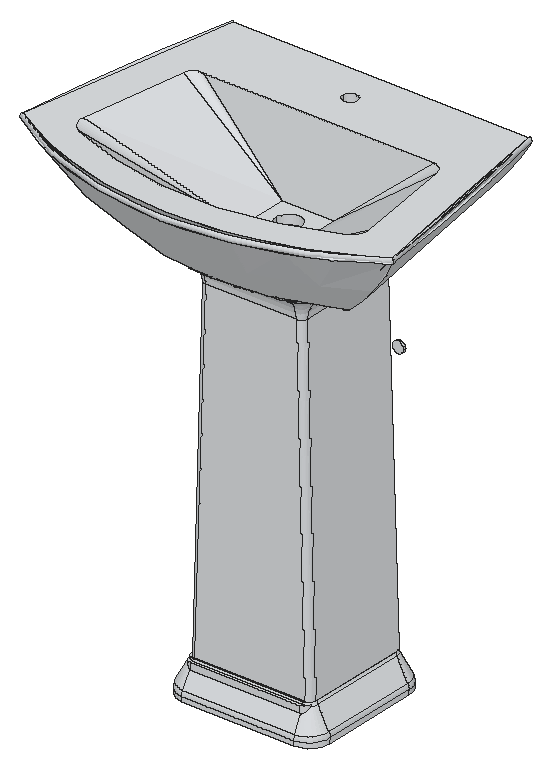
Revit family "Lavatory-TOTO-Contemporary-Soiree-LPT962", category Plumbing Fixtures, host Face, Revit 2013
Parameters (values of type "LPT962")
  ecoScorecard_data = "http://toto.ecoscorecard.com/product/LPT962"
  ecoScorecard Product Page = "http://toto.ecoscorecard.com/product/LPT962"
  Width = 2' - 1 1/8"
  Waste Connection NPT Radius = 0' - 0 5/8"
  Warranty URL = "http://www.totousa.com/warranty-registration"
  Warranty = "One Year Limited Warranty"  # constant formula
  Sink Type = "Lavatory"  # constant formula
  Sink Configuration = ""
  SanoGloss Available = no
  Mounting = ""
  Installation URL = " "
  Industry Standards = "Meets and exceeds ASME A112.19.2/CSA B45.1"  # constant formula
  URL = "http://www.totousa.com"
  Toto BIM Number = "BM-00351"  # constant formula
  Subcategory = "Lavatories"  # constant formula
  Style = "Contemporary"  # constant formula
  Spec Sheet URL = "http://assets.totousa.com/product-files/SS-00337_LPT962.pdf"
  Shipping Weight = 38.00 lbf
  Series = "Soirée"  # constant formula
  Sanitary Connector = "Sanitary Connection"  # constant formula
  Product Page URL = " "
  Parts Manual URL = " "
  Model = "LPT962"  # constant formula
  Material = "Vitreous china"
  Manufacturer Phone - Toll Free = "1-888-295-8134"  # constant formula
  Manufacturer Phone = "(770) 282-8686"  # constant formula
  Manufacturer Fax = "(770) 282-0002"  # constant formula
  Manufacturer Email = "mailto:custservice@totousa.com"
  Manufacturer Address = "1155 Southern Road, Morrow, Georgia 30260"  # constant formula
  Manufacturer = "TOTO USA, Inc."  # constant formula
  Hot Water Connector = "Hot Water Connection"  # constant formula
  Hot Water Connection Radius = 0' - 0 3/8"
  Height = 2' - 10"
  Finish = Vitreous China - TOTO - 01 Cotton
  Description = "SoirÃ©eÂ® Pedestal Lavatory"  # constant formula
  Depth = 1' - 6 7/8"
  Default Elevation = 4' - 0"
  Cost Info = "mailto:custservice@totousa.com "
  Color Availability = "#01 Cotton,#03 Bone,#11 Colonial White,#12 Sedona Beige,#51 Ebony"  # constant formula
  Cold Water Connector = "Cold Water Connection"  # constant formula
  Cold Water Connection Radius = 0' - 0 3/8"
  Code Compliance = "UPC, IPC, NSPC, NPC Canada,and others"  # constant formula
  Certifications = "IAPMO(cUPC), State of Massachusetts , City of Los Angeles, and others"  # constant formula
  CAD Drawing URL = "http://assets.totousa.com/product-files/AD-00240_LPT962.dxf"
  Basin Width = 1' - 5 5/16"
  Basin Diameter = 0' - 0"
  Basin Depth = 0' - 11 7/16"
  Assembly Code = "D2010310"
  ADA Compliant = no
  95 CSI = "15410"  # constant formula
  04 CSI = "22 42 16"  # constant formula
Reference planes (in)
  plane 1 "Center (Front/Back)": y = 0
  plane 2: z = 0
  plane 3 "Center (Left/Right)": x = 0
  plane 4: z = 34
  plane 5: x = 12.5625
  plane 6: x = -12.5625
  plane 7: y = 9.4375
  plane 8: y = -9.4375
Dimensions and locks (in)
  "Height": plane 4 to level
  equal spacing: plane 6, plane 3 "Center (Left/Right)", plane 5
  "Width": plane 6 to plane 5
  equal spacing: plane 7, plane 1 "Center (Front/Back)", plane 8
  "Depth": plane 7 to plane 8
  aligned and locked: plane 2 to host face
  aligned and locked: level to host face
  aligned: nested 1 to plane 7
  aligned and locked: plane 3 "Center (Left/Right)" to nested 1
Automatic sketch dimensions
  host sketch curve to host sketch curve = 8' - 0"  (x2)
Nested families (in)
  nested 1: "960" at (0, -0.27364, 0), type "960"
Connectors (in)
  piping at (-1.40143, 9.29105, 18.24089), driven by "Hot Water Connection Radius", driven by "Hot Water Connector"
    settings: on nested 1, index 1, connector radius 3/8", flow factor 0, pipe flow 0 GPM, pressure drop 0.00 psi, fitting loss kfactor 0, connector angle 0.00°, fixture units 0, engagement length 0' - 0", flow configuration 3, flow direction 2, fitting loss method 0, system type 19, joint type 0, gender type 0, connector reference index -1, connector utility 0, adjustable connector no, is connector primary yes, fitting loss table "", connector description "Hot Water Connection"
  piping at (1.40143, 9.29105, 18.24089), driven by "Cold Water Connection Radius", driven by "Cold Water Connector"
    settings: on nested 1, index 2, connector radius 3/8", flow factor 0, pipe flow 0 GPM, pressure drop 0.00 psi, fitting loss kfactor 0, connector angle 0.00°, fixture units 0, engagement length 0' - 0", flow configuration 3, flow direction 1, fitting loss method 0, system type 20, joint type 0, gender type 0, connector reference index -1, connector utility 0, adjustable connector no, is connector primary no, fitting loss table "", connector description "Cold Water Connection"
  piping at (0, 9.29105, 16.42221), driven by "Waste Connection NPT Radius", driven by "Sanitary Connector"
    settings: on nested 1, index 3, connector radius 5/8", flow factor 0, pipe flow 0 GPM, pressure drop 0.00 psi, fitting loss kfactor 0, connector angle 0.00°, fixture units 0, engagement length 0' - 0", flow configuration 3, flow direction 2, fitting loss method 0, system type 16, joint type 0, gender type 0, connector reference index -1, connector utility 0, adjustable connector no, is connector primary no, fitting loss table "", connector description "Sanitary Connection"
Definition of nested family "960"
  Parameters (values of type "960")
    ecoScorecard Product Page = ""
    Width = 2' - 1 1/8"
    Unit = Vitreous China - TOTO - 01 Cotton
    URL = ""
    Manufacturer = ""
    Height = 2' - 10"
    Description = ""
    Depth = 1' - 6 7/8"
    Default Elevation = 4' - 0"
    Assembly Code = "D2010310"
  Reference planes (in)
    plane 1 "Center (Front/Back)": y = 0
    plane 2: z = 0
    plane 3 "Center (Left/Right)": x = 0
    plane 4: z = 34
    plane 5: y = 9.71114
    plane 6: y = -9.16386
    plane 7: x = 10.34375
    plane 8: x = -10.34375
    plane 9: x = 12.46774
    plane 10: x = -12.65726
  Forms (in)
    Extrusion 1, solid
      sketch origin (0, 0, 0) x (1, 0, 0) y (0, 1, 0)
        loop
          line (-48, 48) -> (-48, -48) -> (48, -48) -> (48, 48) -> (-48, 48)
      from 0 to -12
    Sweep 2, solid, material "Vitreous China - TOTO - 01 Cotton" <- "Unit", detail levels medium+fine
      path origin (0, 0, 0) x (1, 0, 0) y (0, 1, 0)
        loop
          arc (-9.29677, 13.80021) -> (-11.28531, 4.40841) -> (-12.69783, -5.08711) r 157.4663
          arc (-12.69783, -5.08711) -> (0, -9.16386) -> (12.69783, -5.08711) r 21.81333
          arc (12.69783, -5.08711) -> (11.25265, 4.58917) -> (9.20934, 14.15702) r 157.4663
      profile origin (0, -9.16386, 0) x (0, 1, 0) y (0, 0, 1)
        loop
          arc (0.03867, 33.63557) -> (2.05138, 30.75126) -> (4.47007, 28.1978) r 23.61995
          arc (4.47007, 28.1978) -> (4.53151, 28.15983) -> (4.6025, 28.14659) r 0.19683
          line (4.6025, 28.14659) -> (4.90196, 28.14659)
          arc (4.90196, 28.14659) -> (2.2703, 30.87842) -> (0.11525, 34) r 23.36995
          arc (0.11525, 34) -> (0.00609, 33.83268) -> (0.03867, 33.63557) r 0.27557
    Extrusion 3, void
      sketch origin (0, 0, 0.02032) x (0, 1, 0) y (0, 0, 1)
        loop
          line (9.71114, 34) -> (9.71114, 28.09501) -> (15.2044, 28.09501) -> (15.2044, 34) -> (9.71114, 34)
      from -11.0995 to 12
    Blend 4, solid, material "Vitreous China - TOTO - 01 Cotton" <- "Unit", detail levels medium+fine
      base sketch origin (0, 0, 0) x (1, 0, 0) y (0, 1, 0)
        loop
          arc (7.40468, -2.36171) -> (6.43258, 3.69671) -> (5.21766, 9.71114) r 152.56435
          line (5.21766, 9.71114) -> (-5.21766, 9.71114)
          arc (-5.21766, 9.71114) -> (-6.43258, 3.69671) -> (-7.40468, -2.36171) r 152.56435
          arc (-7.40468, -2.36171) -> (0, -3.8886) -> (7.40468, -2.36171) r 18.71799
      top sketch origin (0, 0, 0) x (1, 0, 0) y (0, 1, 0)
        loop
          line (10.11826, 9.71114) -> (-10.11826, 9.71114)
          arc (-10.11826, 9.71114) -> (-11.52164, 2.37041) -> (-12.57489, -5.02868) r 157.35105
          arc (-12.57489, -5.02868) -> (0, -8.6753) -> (12.57489, -5.02868) r 23.50469
          arc (12.57489, -5.02868) -> (11.52164, 2.37041) -> (10.11826, 9.71114) r 157.35105
      from 28.09501 to 33.94843
    Blend 5, void
      base sketch origin (0, 0, 0) x (1, 0, 0) y (0, 1, 0)
        loop
          line (-1.75, 3.5) -> (-1.75, 0) -> (1.75, 0) -> (1.75, 3.5) -> (-1.75, 3.5)
      top sketch origin (0, 0, 0) x (1, 0, 0) y (0, 1, 0)
        loop
          arc (-9.06318, -4.61793) -> (0, -6.62621) -> (9.06318, -4.61793) r 21.45478
          arc (9.06318, -4.61793) -> (9.59875, -4.11726) -> (9.73566, -3.397) r 1.181
          arc (9.73566, -3.397) -> (9.23432, 0.18027) -> (8.65107, 3.74511) r 157.4663
          arc (8.65107, 3.74511) -> (8.38193, 4.21198) -> (7.87558, 4.39641) r 0.78733
          line (7.87558, 4.39641) -> (-7.87558, 4.39641)
          arc (-7.87558, 4.39641) -> (-8.38193, 4.21198) -> (-8.65107, 3.74511) r 0.78733
          arc (-8.65107, 3.74511) -> (-9.23432, 0.18027) -> (-9.73566, -3.397) r 157.4663
          arc (-9.73566, -3.397) -> (-9.59875, -4.11726) -> (-9.06318, -4.61793) r 1.181
      from 28.69588 to 33.94843
    Extrusion 6, void
      sketch origin (0, 0, 0) x (1, 0, 0) y (0, 1, 0)
        loop
          circle (0, 1.83758) r 0.86606
      from 26.08248 to 36.58056
    Extrusion 7, void
      sketch origin (0, 0, 0) x (1, 0, 0) y (0, 1, 0)
        loop
          circle (0, 7.09265) r 0.5
      from 25.00866 to 39.9142
    Extrusion 8, solid, material "Vitreous China - TOTO - 01 Cotton" <- "Unit", detail levels coarse
      sketch origin (0, 0, 0) x (1, 0, 0) y (0, 0, 1)
        loop
          line (-12.65726, 33.99901) -> (-12.65726, 28.09151) -> (12.65726, 28.09151) -> (12.65726, 33.99901) -> (-12.65726, 33.99901)
      from -9.71114 to 9.16386
  Cuts and joins
    Extrusion 3, Extrusion 7 cuts Sweep 2
    Blend 5, Extrusion 6, Extrusion 7 cuts Blend 4
    joined: Sweep 2, Blend 4
    Extrusion 7 cuts Extrusion 8
  Lines and regions (in)
    symbolic lines, detail levels medium+fine
      curve 1: arc (-12.57539, -5.03289, 0) -> (-11.52199, 2.36832, 0) -> (-10.11826, 9.71114, 0) r 157.35105
      curve 3: arc (10.11826, 9.71114, 0) -> (11.52199, 2.36832, 0) -> (12.57539, -5.03289, 0) r 157.35105
      curve 4: arc (12.57539, -5.03289, 0) -> (0, -9.0486, 0) -> (-12.57539, -5.03289, 0) r 21.69807
      curve 5: arc (-12.70819, -5.09168, 0) -> (-11.65137, 2.35238, 0) -> (-10.24044, 9.73752, 0) r 157.47605
      curve 6: arc (12.70819, -5.09168, 0) -> (0, -9.1736, 0) -> (-12.70819, -5.09168, 0) r 21.82307
      curve 7: arc (10.24044, 9.73752, 0) -> (11.65137, 2.35238, 0) -> (12.70819, -5.09168, 0) r 157.47605
      curve 8: arc (-8.65107, 3.74511, 0) -> (-8.38193, 4.21198, 0) -> (-7.87558, 4.39641, 0) r 0.78733
      curve 9: line (-7.87558, 4.39641, 0) -> (7.87558, 4.39641, 0)
      curve 10: arc (7.87558, 4.39641, 0) -> (8.38193, 4.21198, 0) -> (8.65107, 3.74511, 0) r 0.78733
      curve 11: arc (8.65107, 3.74511, 0) -> (9.23432, 0.18027, 0) -> (9.73566, -3.397, 0) r 157.4663
      curve 12: arc (9.73566, -3.397, 0) -> (9.59875, -4.11726, 0) -> (9.06318, -4.61793, 0) r 1.181
      curve 13: arc (9.06318, -4.61793, 0) -> (0, -6.62621, 0) -> (-9.06318, -4.61793, 0) r 21.45478
      curve 14: arc (-9.06318, -4.61793, 0) -> (-9.59875, -4.11726, 0) -> (-9.73566, -3.397, 0) r 1.181
      curve 15: arc (-9.73566, -3.397, 0) -> (-9.23432, 0.18027, 0) -> (-8.65107, 3.74511, 0) r 157.4663
      curve 16: arc (0.86606, 1.83758, 0) -> (0, 2.70364, 0) -> (-0.86606, 1.83758, 0) r 0.86606
      curve 17: arc (-0.86606, 1.83758, 0) -> (0, 0.97152, 0) -> (0.86606, 1.83758, 0) r 0.86606
      curve 23: spline (12.6591, 0, 33.63825) -> (12.67453, 0, 33.66867) -> (12.686, 0, 33.70115) -> (12.69329, 0, 33.73507) -> (12.69626, 0, 33.76977) -> (12.69487, 0, 33.8046) -> (12.68912, 0, 33.83889) -> (12.67914, 0, 33.87199) -> (12.66511, 0, 33.90327) -> (12.6473, 0, 33.93213) -> (12.62605, 0, 33.95803) -> (12.60176, 0, 33.98046) -> (12.57491, 0, 33.99901)
      curve 24: line (7.69475, 0, 28.09151) -> (12.6591, 0, 33.63825)
      curve 25: line (-7.89971, 0, 28.19759) -> (-12.6592, 0, 33.63836)
      curve 26: spline (-12.6592, 0, 33.63836) -> (-12.67485, 0, 33.66879) -> (-12.6865, 0, 33.70126) -> (-12.69393, 0, 33.73517) -> (-12.69701, 0, 33.76986) -> (-12.69567, 0, 33.80468) -> (-12.68994, 0, 33.83895) -> (-12.67992, 0, 33.87204) -> (-12.66582, 0, 33.90331) -> (-12.64789, 0, 33.93216) -> (-12.62648, 0, 33.95804) -> (-12.60199, 0, 33.98047) -> (-12.5749, 0, 33.99901)
      curve 36: arc (0, -4.30481, 27.82577) -> (0, -6.98607, 30.55857) -> (0, -9.16386, 33.70731) r 22.44422
    symbolic lines
      curve 2: line (10.11826, 9.71114, 0) -> (-10.11826, 9.71114, 0)
      curve 27: spline (-7.75591, 0, 28.14664) -> (-7.7686, 0, 28.14686) -> (-7.78128, 0, 28.14784) -> (-7.79391, 0, 28.14957) -> (-7.80646, 0, 28.15205) -> (-7.81889, 0, 28.15527) -> (-7.83116, 0, 28.15922) -> (-7.84324, 0, 28.1639) -> (-7.85511, 0, 28.16928) -> (-7.86672, 0, 28.17536) -> (-7.87804, 0, 28.18212) -> (-7.88905, 0, 28.18953) -> (-7.89971, 0, 28.19759)
      curve 28: line (-7.75591, 0, 28.09151) -> (7.69475, 0, 28.09151)
      curve 29: line (-12.65726, 0, 33.99901) -> (12.65726, 0, 33.99901)
      curve 37: arc (0, -9.16386, 33.70731) -> (0, -9.15016, 33.87201) -> (0, -9.0456, 34) r 0.27872
      curve 38: line (0, 9.71114, 28.09501) -> (0, 5.46114, 28.09501)
      curve 41: arc (0.5, 7.09265, 0) -> (0, 7.59265, 0) -> (-0.5, 7.09265, 0) r 0.5
      curve 42: arc (-0.5, 7.09265, 0) -> (0, 6.59265, 0) -> (0.5, 7.09265, 0) r 0.5
    symbolic lines, detail levels coarse
      curve 18: line (-10.11826, 9.71114, 0) -> (-12.65726, 9.71114, 0)
      curve 19: line (-12.65726, 9.71114, 0) -> (-12.65726, -9.16386, 0)
      curve 20: line (-12.65726, -9.16386, 0) -> (12.46774, -9.16386, 0)
      curve 21: line (12.46774, -9.16386, 0) -> (12.46774, 9.71114, 0)
      curve 22: line (10.11826, 9.71114, 0) -> (12.46774, 9.71114, 0)
      curve 30: line (-12.65726, 0, 33.99901) -> (-12.65726, 0, 28.09151)
      curve 31: line (-7.75591, 0, 28.09151) -> (-12.65726, 0, 28.09151)
      curve 32: line (12.65726, 0, 33.99901) -> (12.65726, 0, 28.09151)
      curve 33: line (7.69475, 0, 28.09151) -> (12.65726, 0, 28.09151)
      curve 39: line (0, -4.36757, 28.09151) -> (0, -9.16386, 28.09151)
      curve 40: line (0, -9.16386, 28.09151) -> (0, -9.16386, 34)
    symbolic lines, style "GenericModel"
      curve 34: line (0, 9.71114, 34) -> (0, -9.16386, 34)
      curve 35: line (0, 9.71114, 28.09501) -> (0, 9.71114, 34)
  Dimensions and locks (in)
    plane 4 to level = 2' - 10"
    aligned and locked: plane 2 to Extrusion 1
    aligned and locked: level to Extrusion 1
  Nested families (in)
    nested 1: "960-Base" at (0, -1.32219, 0), type "960"
  Definition of nested family "960-Base"
    Parameters (values of type "960")
      ecoScorecard Product Page = ""
      Width = 0' - 0"
      Unit = Vitreous China - TOTO - 01 Cotton
      URL = ""
      Manufacturer = ""
      Height = 0' - 0"
      Description = ""
      Depth = 0' - 0"
      Default Elevation = 4' - 0"
      Assembly Code = "D2010310"
    Reference planes (in)
      plane 1 "Center (Front/Back)": y = 0
      plane 2: z = 0
      plane 3 "Center (Left/Right)": x = 0
      plane 4: z = 34
      plane 5: y = 10.88688
    Forms (in)
      Extrusion 1, solid
        sketch origin (0, 0, 0) x (1, 0, 0) y (0, 1, 0)
          loop
            line (-48, 48) -> (-48, -48) -> (48, -48) -> (48, 48) -> (-48, 48)
        from 0 to -12
      SweptBlend 2, solid, material "Vitreous China - TOTO - 01 Cotton" <- "Unit", detail levels medium+fine
        path origin (0, 3.63431, 0.5) x (1, 0, 0) y (0, 0, 1)
          loop
            line (0, 1.77168) -> (0, 24.77168)
        profile origin (0, 3.63431, 2.27168) x (-1, 0, 0) y (0, -1, 0)
          loop
            line (4.125, -3.75) -> (4.125, 3.32811)
            arc (4.125, 3.32811) -> (4.01066, 3.62303) -> (3.72741, 3.76379) r 0.4375
            arc (3.72741, 3.76379) -> (0.00085, 3.93416) -> (-3.72572, 3.76395) r 40.85939
            arc (-3.72572, 3.76395) -> (-4.01017, 3.62259) -> (-4.125, 3.32643) r 0.43935
            line (-4.125, 3.32643) -> (-4.125, -3.75) -> (-3.875, -3.75) -> (-3.875, 3.5) -> (3.875, 3.5) -> (3.875, -3.75) -> (4.125, -3.75)
        end profile origin (0, 3.63431, 25.27168) x (-1, 0, 0) y (0, -1, 0)
          loop
            line (3.5, -3.625) -> (3.5, 3.20089)
            arc (3.5, 3.20089) -> (3.38347, 3.49819) -> (3.09595, 3.63711) r 0.4375
            arc (3.09595, 3.63711) -> (0, 3.75562) -> (-3.09595, 3.63711) r 40.49833
            arc (-3.09595, 3.63711) -> (-3.38347, 3.49819) -> (-3.5, 3.20089) r 0.4375
            line (-3.5, 3.20089) -> (-3.5, -3.625) -> (-3.25, -3.625) -> (-3.25, 3.375) -> (3.25, 3.375) -> (3.25, -3.625) -> (3.5, -3.625)
      Sweep 3, solid, material "Vitreous China - TOTO - 01 Cotton" <- "Unit", detail levels medium+fine
        path in 3D
          loop
            line (3.5, 7.25931, 25.27168) -> (3.5, 0.43342, 25.27168)
            arc (3.5, 0.43342, 25.27168) -> (3.38347, 0.13612, 25.27168) -> (3.09595, -0.0028, 25.27168) r 0.4375
            arc (3.09595, -0.0028, 25.27168) -> (0, -0.12131, 25.27168) -> (-3.09595, -0.0028, 25.27168) r 40.49833
            arc (-3.09595, -0.0028, 25.27168) -> (-3.38347, 0.13612, 25.27168) -> (-3.5, 0.43342, 25.27168) r 0.4375
            line (-3.5, 0.43342, 25.27168) -> (-3.5, 7.25931, 25.27168)
        profile origin (-3.5, 3.84637, 25.27168) x (-1, 0, 0) y (0, 0, 1)
          loop
            arc (0.94946, 1.5604) -> (1.77289, 2.07352) -> (2.58013, 2.61176) r 31.49649
            arc (2.58013, 2.61176) -> (2.61777, 2.76373) -> (2.4715, 2.81955) r 0.11811
            line (2.4715, 2.81955) -> (0.82052, 1.77459)
            arc (0.82052, 1.77459) -> (0.06517, 1.02002) -> (-0.25025, 0) r 2.21853
            line (-0.25025, 0) -> (0.00021, 0)
            arc (0.00021, 0) -> (0.28291, 0.89695) -> (0.94946, 1.5604) r 1.96853
      Sweep 4, solid, material "Vitreous China - TOTO - 01 Cotton" <- "Unit", detail levels medium+fine
        path origin (-0.00017, 3.01608, 2.27168) x (0, 1, 0) y (-1, 0, 0)
          loop
            arc (3.99323, -4.12517) -> (4.28939, -4.01034) -> (4.43074, -3.72589) r 0.43935
            arc (4.43074, -3.72589) -> (4.60096, 0.00068) -> (4.43059, 3.72724) r 40.85939
            arc (4.43059, 3.72724) -> (4.28982, 4.01049) -> (3.99491, 4.12483) r 0.4375
            line (3.99491, 4.12483) -> (-2.70989, 4.12483)
            arc (-2.70989, 4.12483) -> (-3.0048, 4.01049) -> (-3.14556, 3.72724) r 0.4375
            arc (-3.14556, 3.72724) -> (-3.31593, 0.00068) -> (-3.14572, -3.72589) r 40.85939
            arc (-3.14572, -3.72589) -> (-3.00436, -4.01034) -> (-2.7082, -4.12517) r 0.43935
            line (-2.7082, -4.12517) -> (3.99323, -4.12517)
        profile origin (4.125, 3.65859, 2.27168) x (1, 0, 0) y (0, 0, 1)
          loop
            arc (0.18468, -0.17022) -> (0.14413, -0.0872) -> (0.11358, 0) r 0.78741
            line (0.11358, 0) -> (0, 0) -> (0, -2.27168) -> (0.99318, -2.27168) -> (0.99318, -1.94211)
            arc (0.99318, -1.94211) -> (0.97498, -1.77382) -> (0.92124, -1.6133) r 0.78741
            arc (0.92124, -1.6133) -> (0.56782, -0.88418) -> (0.18468, -0.17022) r 19.6853
      Extrusion 5, solid, material "Vitreous China - TOTO - 01 Cotton" <- "Unit", detail levels medium+fine
        sketch origin (5.11818, 7.00931, 0) x (-1, 0, 0) y (0, 1, 0)
          loop
            arc (9.24318, 0.00168) -> (9.12884, 0.2966) -> (8.84559, 0.43736) r 0.4375
            arc (8.84559, 0.43736) -> (5.11903, 0.60773) -> (1.39246, 0.43751) r 40.85939
            arc (1.39246, 0.43751) -> (1.10801, 0.29616) -> (0.99318, 0) r 0.43935
            line (0.99318, 0) -> (0.99318, -7.07643)
            arc (0.99318, -7.07643) -> (1.10801, -7.37259) -> (1.39246, -7.51395) r 0.43935
            arc (1.39246, -7.51395) -> (5.11903, -7.68416) -> (8.84559, -7.51379) r 40.85939
            arc (8.84559, -7.51379) -> (9.12884, -7.37303) -> (9.24318, -7.07811) r 0.4375
            line (9.24318, -7.07811) -> (9.24318, 0.00168)
        from -2.16538 to 0
      Extrusion 6, solid, material "Vitreous China - TOTO - 01 Cotton" <- "Unit", detail levels coarse
        sketch origin (0, 0, 0) x (0, 1, 0) y (0, 0, 1)
          loop
            line (-2.75637, 25.27168) -> (7.25931, 25.27168) -> (7.25931, 28.09123) -> (-2.75637, 28.09123) -> (-2.75637, 25.27168)
        from -6.13121 to 6.13121
      Extrusion 7, solid, material "Vitreous China - TOTO - 01 Cotton" <- "Unit", detail levels coarse
        sketch origin (0, 0, 0) x (1, 0, 0) y (0, 0, 1)
          loop
            line (-5.11818, 2.27168) -> (-5.11818, 0) -> (5.11818, 0) -> (5.11818, 2.27168) -> (-5.11818, 2.27168)
        from -8.61022 to 1.29303
      Extrusion 8, solid, material "Vitreous China - TOTO - 01 Cotton" <- "Unit", detail levels coarse
        sketch origin (0, 0, 0) x (1, 0, 0) y (0, 0, 1)
          loop
            line (4.125, 2.27168) -> (4.125, 25.2694) -> (-4.125, 25.2694) -> (-4.125, 2.27168) -> (4.125, 2.27168)
        from -7.25931 to 0.12131
      Extrusion 9, solid, material "Vitreous China - TOTO - 01 Cotton" <- "Unit"
        sketch origin (0, 0, 0) x (1, 0, 0) y (0, 0, 1)
          loop
            circle (0, 16.42221) r 0.625
          loop
            circle (1.40143, 18.24089) r 0.375
          loop
            circle (-1.40143, 18.24089) r 0.375
        from -10.88688 to -10.76188
    Lines and regions (in)
      sketch lines
        curve 1: line (-3.5, 0.43342, 25.27168) -> (-3.5, 7.25931, 25.27168)
        curve 2: arc (-3.09595, -0.0028, 25.27168) -> (-3.38347, 0.13612, 25.27168) -> (-3.5, 0.43342, 25.27168) r 0.4375
        curve 3: arc (3.09595, -0.0028, 25.27168) -> (0, -0.12131, 25.27168) -> (-3.09595, -0.0028, 25.27168) r 40.49833
        curve 4: arc (3.5, 0.43342, 25.27168) -> (3.38347, 0.13612, 25.27168) -> (3.09595, -0.0028, 25.27168) r 0.4375
        curve 5: line (3.5, 7.25931, 25.27168) -> (3.5, 0.43342, 25.27168)
      symbolic lines
        curve 6: line (-6.13121, 0, 28.09151) -> (6.13121, 0, 28.09151)
        curve 9: line (4.23858, 0, 2.27168) -> (-4.23858, 0, 2.27168)
        curve 14: line (-5.11818, 0, 0) -> (5.11818, 0, 0)
        curve 15: line (0, 7.25931, 28.09151) -> (0, -2.75637, 28.09151)
        curve 16: line (0, 7.38431, 2.27168) -> (0, 7.25931, 25.27168)
        curve 17: line (0, 7.25931, 28.09151) -> (0, 7.25931, 25.27168)
        curve 18: line (0, 7.25931, 25.27168) -> (0, 7.38431, 2.27168)
        curve 22: line (0, -0.12131, 25.27168) -> (0, -0.31005, 2.27168)
        curve 23: line (0, 7.73582, 2.27168) -> (0, -0.41863, 2.27168)
        curve 26: line (0, 8.61022, 0.34525) -> (0, 8.61022, 0)
        curve 29: line (0, -1.29303, 0.34525) -> (0, -1.29303, 0)
        curve 30: line (0, 8.61022, 0) -> (0, -1.29303, 0)
        curve 35: line (-5.11818, 0, 0) -> (-5.11818, 0, 0.32287)
        curve 37: line (5.11818, 0, 0) -> (5.11818, 0, 0.36024)
      symbolic lines, detail levels medium+fine
        curve 7: line (-3.50006, 0, 25.2694) -> (-4.125, 0, 2.27168)
        curve 8: line (4.125, 0, 2.27168) -> (3.50006, 0, 25.2694)
        curve 10: line (-4.23858, 0, 2.27168) -> (-5.00919, 0, 0.75928)
        curve 11: line (4.23858, 0, 2.27168) -> (5.00919, 0, 0.75928)
        curve 12: arc (-5.11818, 0, 0.30528) -> (-5.09055, 0, 0.53873) -> (-5.00919, 0, 0.75928) r 1
        curve 13: arc (5.11818, 0, 0.30528) -> (5.09055, 0, 0.53873) -> (5.00919, 0, 0.75928) r 1
        curve 19: line (0, -2.73661, 27.90954) -> (0, -0.87975, 26.70368)
        curve 20: arc (0, -0.87975, 26.70368) -> (0, -0.35502, 26.06474) -> (0, -0.12131, 25.27168) r 2.07584
        curve 21: arc (0, -2.67038, 28.09151) -> (0, -2.74908, 28.01711) -> (0, -2.73661, 27.90954) r 0.12088
        curve 24: line (0, 7.73582, 2.27168) -> (0, 8.50754, 0.7571)
        curve 25: arc (0, 8.50754, 0.7571) -> (0, 8.58234, 0.55703) -> (0, 8.61022, 0.34525) r 0.94344
        curve 27: line (0, -0.41863, 2.27168) -> (0, -1.19035, 0.7571)
        curve 28: arc (0, -1.19035, 0.7571) -> (0, -1.26515, 0.55703) -> (0, -1.29303, 0.34525) r 0.94344
      symbolic lines, detail levels coarse
        curve 31: line (0, -1.29303, 0.34525) -> (0, -1.29303, 2.27168)
        curve 32: line (0, 7.73582, 2.27168) -> (0, 8.61022, 2.27168)
        curve 33: line (0, -0.41863, 2.27168) -> (0, -1.29303, 2.27168)
        curve 34: line (0, 8.61022, 0.34525) -> (0, 8.61022, 2.27168)
        curve 36: line (-4.23858, 0, 2.27168) -> (-5.11818, 0, 2.27168)
        curve 38: line (4.23858, 0, 2.27168) -> (5.11818, 0, 2.27168)
        curve 39: line (-6.13121, 0, 25.2694) -> (-6.13121, 0, 28.09151)
        curve 40: line (6.13121, 0, 25.2694) -> (6.13121, 0, 28.09151)
        curve 41: line (4.125, 0, 25.2694) -> (6.13121, 0, 25.2694)
        curve 48: line (0, -2.75637, 25.27168) -> (0, -2.75637, 28.09151)
        curve 49: line (0, -0.12131, 25.27168) -> (0, -2.75637, 25.27168)
        curve 52: line (-4.125, 0, 25.2694) -> (-6.13121, 0, 25.2694)
        curve 53: line (-5.11818, 0, 0.32287) -> (-5.11818, 0, 2.27168)
        curve 54: line (5.11818, 0, 0.36024) -> (5.11818, 0, 2.27168)
      symbolic lines, style "GenericModel"
        curve 42: arc (-5.97225, 0, 28.09151) -> (-6.11796, 0, 28.03505) -> (-6.08013, 0, 27.88343) r 0.11811
        curve 47: arc (5.97225, 0, 28.09151) -> (6.11796, 0, 28.03505) -> (6.08013, 0, 27.88343) r 0.11811
      symbolic lines, style "GenericModel", detail levels medium+fine
        curve 43: arc (-6.08013, 0, 27.88343) -> (-5.27289, 0, 27.3452) -> (-4.44946, 0, 26.83208) r 31.49649
        curve 44: arc (-4.44946, 0, 26.83208) -> (-3.78232, 0, 26.16766) -> (-3.50006, 0, 25.2694) r 1.96853
        curve 45: arc (4.44946, 0, 26.83208) -> (3.78232, 0, 26.16766) -> (3.50006, 0, 25.2694) r 1.96853
        curve 46: arc (6.08013, 0, 27.88343) -> (5.27289, 0, 27.3452) -> (4.44946, 0, 26.83208) r 31.49649
      symbolic lines, style "GenericModel", detail levels coarse
        curve 50: line (-4.125, 0, 25.2694) -> (-4.125, 0, 2.27168)
        curve 51: line (4.125, 0, 2.27168) -> (4.125, 0, 25.2694)
    Dimensions and locks (in)
      plane 4 to level = 2' - 10"
      aligned and locked: plane 2 to Extrusion 1
      aligned and locked: level to Extrusion 1
